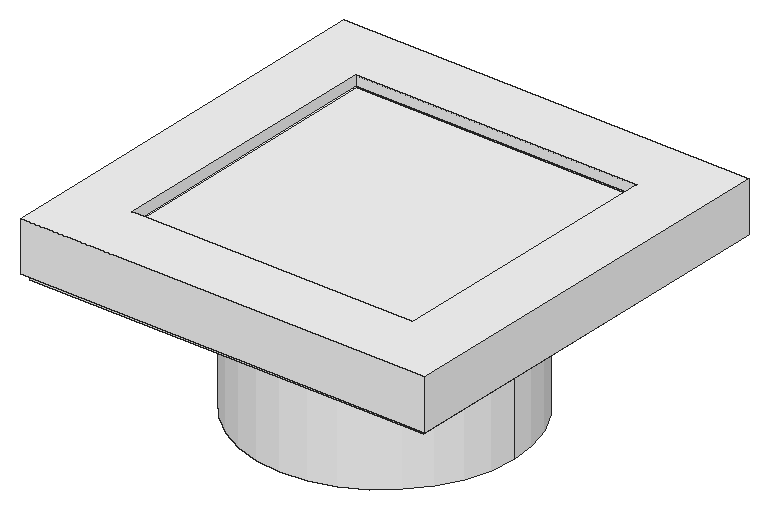
Revit family "Gira_013627", category Electrical Fixtures, host Face, Revit 2017
Family settings
  Host = Face
  Maintain Annotation Orientation = Yes
  Round Connector Dimension = Use Diameter
  Part Type = Normal
  Cut with Voids When Loaded = No
  Shared = No
  Room Calculation Point = No
Parameters (values of type "PB ind.sw. off/2-way System 55 p.white m")
  With mounting plate = "No"
  Wiring system = "Two-way switch"
  White [instance] = White
  Washing machine switch = "No"
  URL = "http://katalog.gira.de/en/datenblatt.html?artikelnr=013627"
  Type of lighting = "Glow lamp"
  Type of fastening = "Mounting with claw and screw"
  Surface protection = "Other"
  Surface finishing = "Matt"
  Suitable for degree of protection (IP) = "IP20"
  Rated current = "10"
  RAL-number (akin) = "9010"
  Push button switch = "Yes"
  Number of rockers = "1"
  Number of modules (module system) = "1"
  Nominal voltage = "250"
  Name = "PB ind.sw. off/2-way System 55 p.white m"
  Mounting method = "Flush mounted (plaster)"
  Model = "Sys55_Komplettgerät_Schalten und Tasten"
  Method of operation = "Rocker/button"
  Material quality = "Thermoplastic"
  Material = "Plastic"
  Manufacturer URL = "https://www.gira.de/"
  Manufacturer = "Gira"
  Label space/information surface = "No"
  Illumination = "Yes"
  HeinzeBIM = "https://bimportal.heinze.de/bim/pb-ind-sw-off-2-way-system-55-p-white-m/93fe83543affab48b917b7a3ae15be2c584b433a"
  Halogen free = "Yes"
  HAN = "013627"
  GTIN = "4010337136279"
  Function lighting = "Illuminated (on)"
  Feedback-signal contact = "No"
  Description = "PB ind.sw.off 2-w Sys55 PWm,Pushbutton indicator switch 10 AX 250 V~ with rocker,Universal off 2-way switch,pure white matt,Notes :,- Can also be connected with illumination."
  Default Elevation = 1219.2 mm
  Data sheet (1) = "https://katalog.gira.de/en/download.html?artikelnr=013627"
  Connection type = "Plug clamp"
  Colour = "White"
  Category = "Switch"
  BIM (1) = "https://media.stage.bim.site/public/gira/36a6b08/Sys55_Komplettgerät_Schalten und Tasten.rfa?public/gira/36a6b08/Sys55_Komplettgerät_Schalten und Tasten.rfa"
  Available = "No"
  Assembly arrangement = "Basic element with central cover plate"
Reference planes
  plane 1 "Center (Front/Back)": y = 0
  plane 2: z = 0
  plane 3 "Center (Left/Right)": x = 0
Forms (mm)
  Extrusion 1, solid, material "White" <- "White", detail levels medium
    sketch origin (0, 0, 0) x (1, 0, 0) y (0, 1, 0)
      loop
        line (-40.4, 40.4) -> (-40.4, -40.4) -> (40.4, -40.4) -> (40.4, 40.4) -> (-40.4, 40.4)
      loop
        line (-28, 28) -> (-28, -28) -> (28, -28) -> (28, 28) -> (-28, 28)
    from 0 to 10
  Extrusion 2, solid, material "White" <- "White", detail levels fine
    sketch origin (0, 0, 0) x (1, 0, 0) y (0, 1, 0)
      loop
        line (-40.4, 40.4) -> (-40.4, -40.4) -> (40.4, -40.4) -> (40.4, 40.4) -> (-40.4, 40.4)
      loop
        line (-28, 28) -> (-28, -28) -> (28, -28) -> (28, 28) -> (-28, 28)
    from 0 to 10
  Extrusion 3, void
    sketch origin (0, 0, 0) x (1, 0, 0) y (0, 1, 0)
      loop
        line (-38.4, 38.4) -> (-38.4, -38.4) -> (38.4, -38.4) -> (38.4, 38.4) -> (-38.4, 38.4)
    from 0 to 8
  Extrusion 4, solid, material "White" <- "White", detail levels medium+fine
    sketch origin (0, 0, 0) x (1, 0, 0) y (0, 1, 0)
      loop
        line (-39.4, 39.4) -> (-39.4, -39.4) -> (39.4, -39.4) -> (39.4, 39.4) -> (-39.4, 39.4)
    from 0 to -1
  Extrusion 5, solid, material "White" <- "White", detail levels medium+fine
    sketch origin (0, 0, 0) x (1, 0, 0) y (0, 1, 0)
      loop
        line (-35.5, 35.5) -> (-35.5, -35.5) -> (35.5, -35.5) -> (35.5, 35.5) -> (-35.5, 35.5)
    from -2 to -3
  Extrusion 6, solid, material "White" <- "White", detail levels medium+fine
    sketch origin (0, 0, 0) x (1, 0, 0) y (0, 1, 0)
      loop
        circle (0, 0) r 26
    from 0 to -27.5
  Extrusion 7, solid, material "White" <- "White", detail levels coarse
    sketch origin (0, 0, 0) x (1, 0, 0) y (0, 1, 0)
      loop
        line (-40.4, 40.4) -> (-40.4, -40.4) -> (40.4, -40.4) -> (40.4, 40.4) -> (-40.4, 40.4)
    from -27.5 to 10
Cuts and joins
  Extrusion 3 cuts Extrusion 2
Dimensions and locks
  aligned and locked: plane 2 to host face
  aligned and locked: level to host face
  aligned and locked: plane 3 "Center (Left/Right)" to nested 2
  aligned and locked: plane 1 "Center (Front/Back)" to nested 2
Nested families
  nested 1: "Sys55_Abdeckung_Schalten und Tasten_floor_base" at (0, 0, 0), type "Sys55_Abdeckung_Schalten und Tasten_floor_base"
  nested 2: "Schalter" at (0, 0, 0), type "Schalter"
Connectors
  electrical at (0, 0, -27.5)
    settings: on Extrusion 6, index 1, voltage 220 V, apparent load 0 VA, apparent load phase1 0 VA, apparent load phase2 0 VA, apparent load phase3 0 VA, power factor 1, load classification "Other", number of poles 1, system type 30, power factor state 1, is connector primary yes, connector utility no, sub classification motor no, connector description ""
Definition of nested family "Sys55_Abdeckung_Schalten und Tasten_floor_base"
  Parameters
    Default Elevation = 1219.2 mm
    White [instance] = none
  Reference planes
    plane 1 "Center (Front/Back)": y = 0
    plane 2: z = 0
    plane 3 "Center (Left/Right)": x = 0
  Forms (mm)
    Extrusion 1, solid
      sketch origin (0, 0, 0) x (1, 0, 0) y (0, 1, 0)
        loop
          line (-1219.2, 1219.2) -> (-1219.2, -1219.2) -> (1219.2, -1219.2) -> (1219.2, 1219.2) -> (-1219.2, 1219.2)
      from 0 to -304.8
    Extrusion 2, solid, material <- "White", detail levels fine
      sketch origin (0, 0, 0) x (1, 0, 0) y (0, 1, 0)
        loop
          line (-27.5, 27.5) -> (-27.5, -27.5) -> (27.5, -27.5) -> (27.5, 27.5) -> (-27.5, 27.5)
      from 0 to 8
    Extrusion 3, void
      sketch origin (0, 0, 0) x (1, 0, 0) y (0, 1, 0)
        loop
          line (26, 26) -> (-26, 26) -> (-26, -26) -> (26, -26) -> (26, 26)
      from 0 to 6
    Extrusion 4, solid, material <- "White", detail levels medium
      sketch origin (0, 0, 0) x (1, 0, 0) y (0, 1, 0)
        loop
          line (-27.5, 27.5) -> (-27.5, -27.5) -> (27.5, -27.5) -> (27.5, 27.5) -> (-27.5, 27.5)
      from 0 to 8
    Extrusion 5, solid, material <- "White", detail levels medium
      sketch origin (0, 0, 0) x (1, 0, 0) y (0, 1, 0)
        loop
          line (11, -17.5) -> (11, 17.5) -> (-11, 17.5) -> (-11, -17.5) -> (11, -17.5)
      from -6 to 6
    Extrusion 6, solid, material <- "White", detail levels fine
      sketch origin (0, 0, 0) x (1, 0, 0) y (0, 1, 0)
        loop
          line (11, 17.5) -> (-11, 17.5) -> (-11, 16.5) -> (11, 16.5) -> (11, 17.5)
        loop
          line (-11, -16.5) -> (-11, -17.5) -> (11, -17.5) -> (11, -16.5) -> (-11, -16.5)
      from -4 to 6
    Extrusion 7, solid, material <- "White", detail levels fine
      sketch origin (0, 0, 0) x (1, 0, 0) y (0, 1, 0)
        loop
          arc (5, 9.347) -> (0, 10.6) -> (-5, 9.347) r 10.6
          line (-5, 9.347) -> (-5, -9.347)
          arc (-5, -9.347) -> (0, -10.6) -> (5, -9.347) r 10.6
          line (5, -9.347) -> (5, 9.347)
      from -6 to 6
    Extrusion 8, solid, material <- "White", detail levels coarse
      sketch origin (0, 0, 0) x (1, 0, 0) y (0, 1, 0)
        loop
          line (-27.5, 27.5) -> (-27.5, -27.5) -> (27.5, -27.5) -> (27.5, 27.5) -> (-27.5, 27.5)
      from -6 to 8
  Cuts and joins
    Extrusion 3 cuts Extrusion 2
  Dimensions and locks
    aligned and locked: plane 2 to Extrusion 1
    aligned and locked: level to Extrusion 1
Definition of nested family "Schalter"
  Reference planes
    plane 1: y = 0
    plane 2: x = 0
  Lines and regions (mm)
    detail lines
      curve 1: circle (1.375, 2.778, 0) r 0.8 normal (0, 0, 1)
      curve 2: line (1.021, 2.061, 0) -> (0, 0, 0)
      curve 3: line (0, 0, 0) -> (-0.538, 0.266, 0)
  Dimensions and locks
    curve 2 to curve 2 = 2.3 mm
    curve 3 to curve 2 = 0.6 mm
    radius of curve 1 = 0.8 mm
